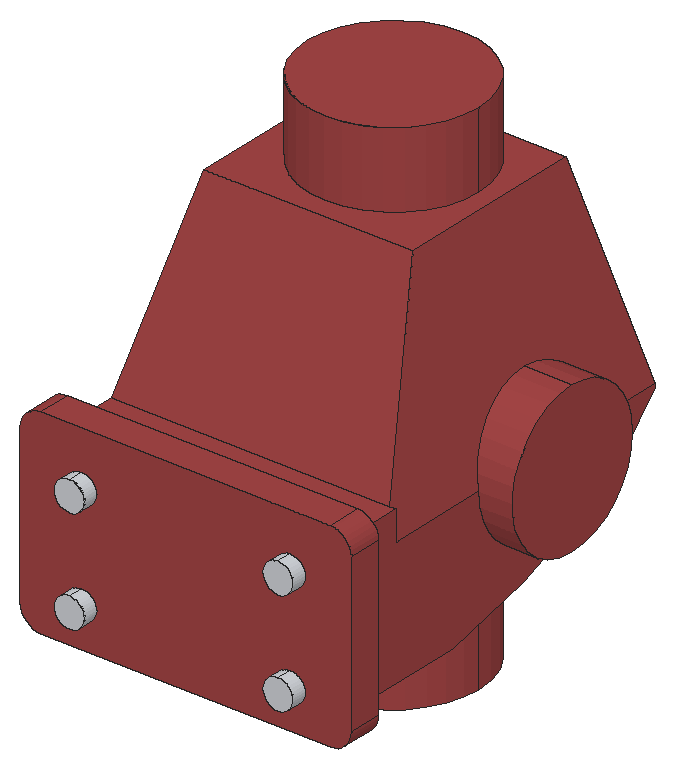
Revit family
Parameters (values of type "2.5" GG (PN 05497C)")
  Weight = 16.00 lbf
  Viking Part Number = "05497C"
  Valve extrude depth = 4.853"
  Valve Radius = Valve Diameter / 2  # 1.4375"
  Valve Height = 9.000"
  Valve Diameter = 2.875"
  Valve Body Top Offset = 7.733"
  Valve Body Bottom Offset = 2.000"
  URL = "http://www.vikinggroupinc.com/databook/checkvalves/102688.pdf"
  Rev. Date = "05-10-10"
  Pressure Rating = 250.00 psi
  Model = "D-1"
  Manufacturer = "The Viking Corporation"
  Main Drain Height = 4.125"
  Main Drain Extrude Right = 3.000"
  Main Drain Extrude Radius = 1.256"
  Gauge System Height = 6.813"
  Gauge Supply Height = 1.875"
  Gauge System Extrude = 2.500"
  Gauge Supply Extrude = 1.750"
  Friction Loss (Feet of Sch 40 Pipe) = 6.000"
  Face Top = 4.628"
  Face Right = 3.790"
  Description = "Swing Check Valve"
  Connector Radius = 1.250"
  Bolts spacing Hor = 3.500"
  Bolts Spacing Top = 4.063"
  Bolts Spacing Bottom = 2.313"
  Bolt Start = 4.353"
  Body Right = 1.786"
  Body Left = 2.438"
  Body Bend Vert = 4.628"
  Body Bend Hoz = 2.988"
  Assembly Code = ""
Reference planes (in)
  plane 1 "Center (Front/Back)": y = 0
  plane 2 "Valve Bottom": z = 0
  plane 3 "Center (Left/Right)": x = 0
  plane 4 "Valve Top": z = 9
  plane 5 "Drain cl": z = 4.125
  plane 6 "Gauge Supply CL": z = 1.875
  plane 7 "Gauge System CL": z = 6.813
  plane 8 "body Bottom": z = 2
  plane 9 "Body Top": z = 7.733
  plane 10 "Face Top": z = 4.628
  plane 11 "Body Bend Vertical": z = 4.628
  plane 12 "Face Right": y = -3.79
  plane 13 "Body Bend Horizontal": y = -2.988
  plane 14 "Body Right": y = -1.786
  plane 15 "Body Left": y = 2.438
  plane 16 "Left": x = -2.4265
  plane 17 "Right": x = 2.4265
  plane 18 "Bolts Top": z = 4.063
  plane 19 "Bolts Bottom": z = 2.313
  plane 20 "Bolts Left": x = -1.75
  plane 21 "Bolts Right": x = 1.75
  plane 22 "Bolts Start": y = -4.353
  plane 23 "Cover Overhang Left": x = -2.7765
  plane 24 "cover overhang bottom": z = 1.65
  plane 25 "Cover Overhang Top": z = 4.978
  plane 26 "Cover Overhang Right": x = 2.7765
  plane 27 "Bolts End": y = -4.603
  plane 28 "Valve Diameter tangent left": x = -1.4375
  plane 29 "Valve Diameter tangent right": x = 1.4375
  plane 30 "Drain Extrude Right": x = 3
  plane 31 "Gauge Supply Extrude": x = -1.75
  plane 32 "Alarm Drain extrude": x = 3.375
  plane 33 "Pipe Tangent back": y = 1.4375
  plane 34 "Spline Hor": y = 2.828
  plane 35 "Gauge System Extrude": y = -2.5
Forms (in)
  Extrusion 1, solid, material "Valve"
    sketch origin (0, 0, 0) x (0, 1, 0) y (0, 0, 1)
      loop
        line (2.438, 7.733) -> (-1.786, 7.733) -> (-2.988, 4.628) -> (-3.79, 4.628) -> (-3.79, 2) -> (2.438, 2) -> (2.438, 7.733)
    from -2.4265 to 2.4265
  Extrusion 2, void
    sketch origin (0, 0, 0) x (0, 1, 0) y (0, 0, 1)
      loop
        line (1.938, 2) -> (2.438, 2) -> (2.438, 2.188)
        spline (2.438, 2.188) -> (2.43372, 2.16346) -> (2.42096, 2.13934) -> (2.39994, 2.11606) -> (2.37101, 2.094) -> (2.33468, 2.07355) -> (2.29155, 2.05506) -> (2.24238, 2.03885) -> (2.188, 2.02519) -> (2.12934, 2.01431) -> (2.06741, 2.00641) -> (2.00326, 2.00161) -> (1.938, 2)
    from -5 to 2.4265
  Extrusion 3, solid, material "Valve", detail levels fine
    sketch origin (0, -3.79, 0) x (0, 0, 1) y (-1, 0, 0)
      loop
        line (4.628, 2.7765) -> (2, 2.7765)
        arc (2, 2.7765) -> (1.75251, 2.67399) -> (1.65, 2.4265) r 0.35
        line (1.65, 2.4265) -> (1.65, -2.4265)
        arc (1.65, -2.4265) -> (1.75251, -2.67399) -> (2, -2.7765) r 0.35
        line (2, -2.7765) -> (4.628, -2.7765)
        arc (4.628, -2.7765) -> (4.87549, -2.67399) -> (4.978, -2.4265) r 0.35
        line (4.978, -2.4265) -> (4.978, 2.4265)
        arc (4.978, 2.4265) -> (4.87549, 2.67399) -> (4.628, 2.7765) r 0.35
    from 0 to 0.563
  Extrusion 4, solid, detail levels fine
    sketch origin (0, -4.353, 0) x (0, 0, 1) y (-1, 0, 0)
      loop
        circle (4.063, 1.75) r 0.25
      loop
        circle (4.063, -1.75) r 0.25
      loop
        circle (2.313, -1.75) r 0.25
      loop
        circle (2.313, 1.75) r 0.25
    from 0 to 0.25
  Extrusion 5, solid, material "Valve"
    sketch origin (0, 0, 0) x (1, 0, 0) y (0, 1, 0)
      loop
        circle (0, 0) r 1.4375
    from 0.255 to 9
  Extrusion 6, solid, material "Valve"
    sketch origin (-2.4265, 0, 0) x (0, 0, 1) y (0, -1, 0)
      loop
        circle (1.875, 0) r 0.54
    from 0.6765 to 2.4265
  Extrusion 7, solid, material "Valve"
    sketch origin (2.4265, 0, 0) x (0, 0, -1) y (0, -1, 0)
      loop
        circle (-4.125, 0) r 1.256
    from -0.5735 to 2.4265
  Extrusion 8, solid, material "Valve"
    sketch origin (0, 0, 0) x (1, 0, 0) y (0, 1, 0)
      loop
        circle (0, 0) r 0.25
    from 0.255 to 0.75
  Extrusion 9, void
    sketch origin (-2.4265, 0, 0) x (0, 0, 1) y (0, -1, 0)
      loop
        line (2, 1.786) -> (2, -2.438) -> (4.063, -2.438)
        spline (4.063, -2.438) -> (3.82586, -2.25922) -> (3.60059, -2.04895) -> (3.38717, -1.80718) -> (3.1856, -1.53392) -> (2.9959, -1.22916) -> (2.81806, -0.89291) -> (2.65207, -0.52516) -> (2.49794, -0.12592) -> (2.35567, 0.30482) -> (2.22525, 0.76705) -> (2.1067, 1.26078) -> (2, 1.786)
    from 0 to 4.853
  Extrusion 10, solid, material "Valve"
    sketch origin (0, 0, 0) x (1, 0, 0) y (0, 1, 0)
      loop
        circle (0, 0) r 0.25
    from 8.25 to 9
  Extrusion 11, void
    sketch origin (-2.4265, 0, 0) x (0, 0, 1) y (0, -1, 0)
      loop
        line (4.125, -2.438) -> (7.733, -2.438) -> (7.733, -1.4375) -> (4.125, -2.438)
    from 0 to 4.853
  Extrusion 12, void
    sketch origin (0, 2.438, 0) x (0, 0, 1) y (-1, 0, 0)
      loop
        line (4.125, -2.4265) -> (7.733, -2.4265) -> (7.733, -1.75) -> (4.125, -2.4265)
    from 0 to 5.426
  Extrusion 13, void
    sketch origin (0, -1.786, 0) x (0, 0, 1) y (-1, 0, 0)
      loop
        line (4.125, 2.4265) -> (7.733, 1.75) -> (7.733, 2.4265) -> (4.125, 2.4265)
    from -4.224 to 12
Cuts and joins
  Extrusion 2, Extrusion 9, Extrusion 11, Extrusion 12, Extrusion 13 cuts Extrusion 1
  Extrusion 11 cuts Extrusion 5
  Extrusion 9 cuts Extrusion 7
  Extrusion 12, Extrusion 13 cuts Extrusion 10
  joined: Extrusion 1, Extrusion 5, Extrusion 6, Extrusion 7, Extrusion 8, Extrusion 10
Lines and regions (in)
  model lines
    curve 1: line (-2.4265, -1.786, 2) -> (-2.4265, 2.438, 4.063)
Dimensions and locks (in)
  "Valve Height": plane 4 "Valve Top" to plane 2 "Valve Bottom"
  "Main Drain Height": plane 5 "Drain cl" to plane 2 "Valve Bottom"
  "Gauge Supply Height": plane 6 "Gauge Supply CL" to plane 2 "Valve Bottom"
  "Gauge System Height": plane 7 "Gauge System CL" to plane 2 "Valve Bottom"
  "Valve Body Bottom Offset": plane 8 "body Bottom" to plane 2 "Valve Bottom"
  "Valve Body Top Offset": plane 9 "Body Top" to plane 2 "Valve Bottom"
  "Face Right": plane 1 "Center (Front/Back)" to plane 12 "Face Right"
  "Body Bend Hoz": plane 1 "Center (Front/Back)" to plane 13 "Body Bend Horizontal"
  "Body Right": plane 1 "Center (Front/Back)" to plane 14 "Body Right"
  "Face Top": plane 10 "Face Top" to plane 2 "Valve Bottom"
  "Body Bend Vert": plane 11 "Body Bend Vertical" to plane 2 "Valve Bottom"
  "Body Left": plane 15 "Body Left" to plane 1 "Center (Front/Back)"
  equal spacing: plane 17 "Right", plane 3 "Center (Left/Right)", plane 16 "Left"
  "Valve extrude depth": plane 17 "Right" to plane 16 "Left"
  equal spacing: plane 20 "Bolts Left", plane 3 "Center (Left/Right)", plane 21 "Bolts Right"
  "Bolts spacing Hor": plane 20 "Bolts Left" to plane 21 "Bolts Right"
  "Bolts Spacing Bottom": plane 19 "Bolts Bottom" to plane 2 "Valve Bottom"
  "Bolts Spacing Top": plane 18 "Bolts Top" to plane 2 "Valve Bottom"
  locked: plane 16 "Left" to plane 23 "Cover Overhang Left" at 0.35
  locked: plane 17 "Right" to plane 26 "Cover Overhang Right" at 0.35
  equal spacing: plane 28 "Valve Diameter tangent left", plane 3 "Center (Left/Right)", plane 29 "Valve Diameter tangent right"
  "Valve Diameter": plane 28 "Valve Diameter tangent left" to plane 29 "Valve Diameter tangent right"
  "Main Drain Extrude Right": plane 30 "Drain Extrude Right" to plane 3 "Center (Left/Right)"
  "Gauge Supply Extrude": plane 3 "Center (Left/Right)" to plane 31 "Gauge Supply Extrude"
  locked: plane 32 "Alarm Drain extrude" to plane 3 "Center (Left/Right)" at 3.375
  "Bolt Start": plane 1 "Center (Front/Back)" to plane 22 "Bolts Start"
  "Valve Radius": plane 33 "Pipe Tangent back" to plane 1 "Center (Front/Back)"
  locked: plane 22 "Bolts Start" to plane 27 "Bolts End" at 0.25
  plane 8 "body Bottom" to plane 24 "cover overhang bottom" = 0.350"
  locked: plane 25 "Cover Overhang Top" to plane 10 "Face Top" at 0.35
  locked: plane 34 "Spline Hor" to plane 1 "Center (Front/Back)" at 2.828
  "Gauge System Extrude": plane 1 "Center (Front/Back)" to plane 35 "Gauge System Extrude"
  "Valve Radius": radius of Extrusion 5 sketch curve
  radius of Extrusion 6 sketch curve = 0.540"
  "Main Drain Extrude Radius": radius of Extrusion 7 sketch curve
  radius of Extrusion 8 sketch curve = 0.250"
  radius of Extrusion 10 sketch curve = 0.250"
  aligned and locked: Extrusion 1 to plane 16 "Left"
  aligned and locked: Extrusion 1 to plane 17 "Right"
  aligned and locked: Extrusion 2 to plane 17 "Right"
  aligned and locked: plane 27 "Bolts End" to Extrusion 4
  aligned and locked: Extrusion 6 to plane 31 "Gauge Supply Extrude"
  aligned and locked: plane 3 "Center (Left/Right)" to Extrusion 6
  aligned and locked: plane 30 "Drain Extrude Right" to Extrusion 7
  aligned and locked: Extrusion 7 to plane 3 "Center (Left/Right)"
  aligned and locked: Extrusion 9 to plane 17 "Right"
  aligned and locked: plane 4 "Valve Top" to Extrusion 5
  aligned and locked: plane 4 "Valve Top" to Extrusion 10
  aligned and locked: Extrusion 11 to plane 17 "Right"
  aligned and locked: Extrusion 12 to plane 13 "Body Bend Horizontal"
  aligned and locked: plane 9 "Body Top" to Extrusion 13
  aligned and locked: plane 9 "Body Top" to Extrusion 12
  aligned and locked: level to plane 2 "Valve Bottom"
  aligned and locked: Extrusion 3 to plane 22 "Bolts Start"
Automatic sketch dimensions
  Extrusion 1 sketch curve to plane 10 "Face Top" = 0.000"
  Extrusion 1 sketch curve to plane 12 "Face Right" = 0.000"
  Extrusion 1 sketch curve to plane 11 "Body Bend Vertical" = 0.000"
  Extrusion 1 sketch curve to plane 13 "Body Bend Horizontal" = 0.000"
  Extrusion 1 sketch curve to plane 9 "Body Top" = 0.000"
  Extrusion 1 sketch curve to plane 14 "Body Right" = 0.000"
  Extrusion 1 sketch curve to plane 15 "Body Left" = 0.000"
  Extrusion 1 sketch curve to plane 8 "body Bottom" = 0.000"
  Extrusion 2 sketch curve to plane 8 "body Bottom" = 0.000"
  Extrusion 2 sketch curve to plane 15 "Body Left" = 0.000"
  plane 19 "Bolts Bottom" to Extrusion 2 sketch curve = 0.125"
  Extrusion 2 sketch curve to Extrusion 2 sketch curve = 0.500"
  Extrusion 3 sketch curve to plane 17 "Right" = 0.000"
  Extrusion 3 sketch curve to plane 24 "cover overhang bottom" = 0.000"
  Extrusion 3 sketch curve to plane 8 "body Bottom" = 0.000"  (x2)
  Extrusion 3 sketch curve to plane 10 "Face Top" = 0.000"  (x2)
  Extrusion 3 sketch curve to plane 16 "Left" = 0.000"
  Extrusion 3 sketch curve to plane 25 "Cover Overhang Top" = 0.000"
  Extrusion 4 sketch curve to plane 19 "Bolts Bottom" = 0.000"  (x2)
  Extrusion 4 sketch curve to plane 18 "Bolts Top" = 0.000"  (x2)
  Extrusion 4 sketch curve to plane 21 "Bolts Right" = 0.000"  (x2)
  Extrusion 4 sketch curve to plane 20 "Bolts Left" = 0.000"  (x2)
  Extrusion 5 sketch curve to plane 1 "Center (Front/Back)" = 0.000"
  Extrusion 5 sketch curve to plane 3 "Center (Left/Right)" = 0.000"
  Extrusion 6 sketch curve to plane 1 "Center (Front/Back)" = 0.000"
  Extrusion 6 sketch curve to plane 6 "Gauge Supply CL" = 0.000"
  Extrusion 7 sketch curve to plane 1 "Center (Front/Back)" = 0.000"
  Extrusion 7 sketch curve to plane 5 "Drain cl" = 0.000"
  Extrusion 8 sketch curve to plane 1 "Center (Front/Back)" = 0.000"
  Extrusion 8 sketch curve to plane 3 "Center (Left/Right)" = 0.000"
  Extrusion 9 sketch curve to plane 8 "body Bottom" = 0.000"
  Extrusion 9 sketch curve to plane 18 "Bolts Top" = 0.000"
  Extrusion 9 sketch curve to plane 14 "Body Right" = 0.000"
  Extrusion 9 sketch curve to plane 15 "Body Left" = 0.000"
  curve 1 to plane 15 "Body Left" = 0.000"
  curve 1 to plane 18 "Bolts Top" = 0.000"
  curve 1 to plane 8 "body Bottom" = 0.000"
  curve 1 to plane 14 "Body Right" = 0.000"
  Extrusion 10 sketch curve to plane 1 "Center (Front/Back)" = 0.000"
  Extrusion 10 sketch curve to plane 3 "Center (Left/Right)" = 0.000"
  Extrusion 11 sketch curve to plane 5 "Drain cl" = 0.000"
  Extrusion 11 sketch curve to plane 9 "Body Top" = 0.000"
  Extrusion 11 sketch curve to plane 15 "Body Left" = 0.000"
  Extrusion 11 sketch curve to plane 33 "Pipe Tangent back" = 0.000"
  Extrusion 13 sketch curve to plane 5 "Drain cl" = 0.000"
  Extrusion 13 sketch curve to plane 9 "Body Top" = 0.000"
  Extrusion 13 sketch curve to plane 20 "Bolts Left" = 0.000"
  Extrusion 13 sketch curve to plane 16 "Left" = 0.000"
  Extrusion 12 sketch curve to plane 5 "Drain cl" = 0.000"
  Extrusion 12 sketch curve to plane 9 "Body Top" = 0.000"
  Extrusion 12 sketch curve to plane 17 "Right" = 0.000"
  Extrusion 12 sketch curve to plane 21 "Bolts Right" = 0.000"
  radius of Extrusion 4 sketch curve = 0.250"  (x4)
Connectors (in)
  piping at (0, 0, 9), driven by "Connector Radius"
    settings: on cut or joined group 1 (Extrusion 1, Extrusion 2, Extrusion 5, Extrusion 6, Extrusion 7, Extrusion 8, Extrusion 9, Extrusion 10, Extrusion 11, Extrusion 12, Extrusion 13), index 1
  piping at (0, 0, 0.255), driven by "Connector Radius"
    settings: on cut or joined group 1, index 2
